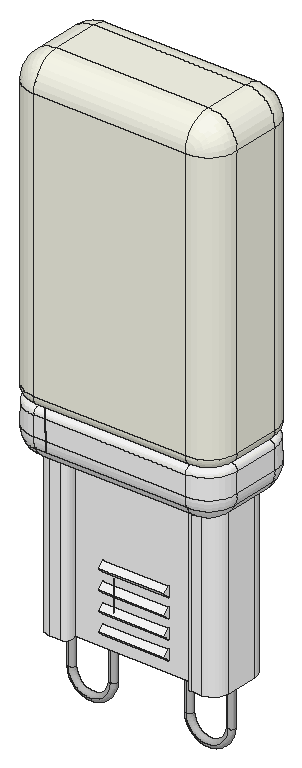
Revit family "STL21122_27_30_40_50", category Luminárias, Revit 2023
Family settings
  Cota do conector redondo = Utilizar diâmetro
  Tipo de parte = Normal
  Com base no plano de trabalho = Não
  Sempre na vertical = Sim
  Corte com vazios quando carregada = Não
  Fonte luminosa = Sim
  Manter orientação da anotação = Não
  Compartilhado = Não
  Ponto de cálculo do ambiente = Não
Parameters (values of type "STL21122/27 - 220V")
  Ângulo de inclinação = 90.00°
  Ângulo de Abertura = "280º"
  Wattage = 1.00982 W
  URL = "https://stella.com.br/"
  Troca de temperatura da cor de lâmpada com esmaecimento = <Nenhum>
  Tensão Elétrica = "220V"
  built-in parameter 1150107 = 2700 (stored number, unit not read)
  Temperatura da cor (K) [instance] = 2700 K
  Referência [instance] = "STL21122/27 - 220V"
  Potência = 1.7 W
  built-in parameter 1150110 = 1 (stored number, unit not read)
  built-in parameter 1150109 = 1 (stored number, unit not read)
  built-in parameter 1114218 = 1 (stored number, unit not read)
  built-in parameter 1150112 = 1 (stored number, unit not read)
  built-in parameter 1150113 = 1 (stored number, unit not read)
  built-in parameter 1150132 = 2
  built-in parameter 1150137 = (empty or 0)
  Modelo = "Bipino G9"
  built-in parameter 1150106 = 0.11937 (stored number, unit not read)
  built-in parameter 1150102 = (empty or 0)
  built-in parameter 1150105 = 11.937 (stored number, unit not read)
  LED = Luminoso - 2700K
  Largura = 0.008 m
  IRC (Índice de reprodução de cores) = ">80"
  Grau de proteção (IP) = "IP20"
  Fluxo Luminoso [instance] = 150 lm
  Color Filter = 16777215
  built-in parameter 1114217 = 1 (stored number, unit not read)
  built-in parameter 1150139 = (empty or 0)
  Fabricante = "Stella"
  Estrutura = Al - Branco
  Default Elevation = 0.00 m
  built-in parameter 1150104 = 13.8 (stored number, unit not read)
  Dimerização = "Não dimerizável"
  built-in parameter 1150115 = 1 (stored number, unit not read)
  built-in parameter 1150114 = 1 (stored number, unit not read)
  Cromado = Cromado
  Lumens = 150 lm
  built-in parameter 1150138 = (empty or 0)
  built-in parameter 1150134 = (empty or 0)
  Comprimento = 0.016 m
  Arquivo de rede fotométrica = "STELLA - STL21122-27 - BIPINO G9 1,7W.ies"
  Altura [instance] = 0.045 m
  built-in parameter 1150133 = 10 (stored number, unit not read)
Types (5, lengths in m): name | Wattage | built-in parameter 1150107 | Temperatura da cor (K) | Referência | built-in parameter 1150106 | built-in parameter 1150105 | LED | Fluxo Luminoso | Lumens | built-in parameter 1150134 | Arquivo de rede fotométrica
  (no name) | 1.00982 W | 2700 (stored number, unit not read) | 2700 K | "STL21122/27 - 220V" | 0.11937 (stored number, unit not read) | 11.937 (stored number, unit not read) | Luminoso - 2700K | 150 lm | 150 lm | (empty or 0) | "STELLA - STL21122-27 - BIPINO G9 1,7W.ies"
  STL21122/27 - 220V | 1.00982 W | 2700 (stored number, unit not read) | 2700 K | "STL21122/27 - 220V" | 0.11937 (stored number, unit not read) | 11.937 (stored number, unit not read) | Luminoso - 2700K | 150 lm | 150 lm | (empty or 0) | "STELLA - STL21122-27 - BIPINO G9 1,7W.ies"
  STL21122/30 - 220V | 1.07714 W | 3000 (stored number, unit not read) | 3000 K | "STL21122/30 - 220V" | 0.12732 (stored number, unit not read) | 12.732 (stored number, unit not read) | Luminoso - 3000K | 160 lm | 160 lm | (empty or 0) | "STELLA - STL21122-30 - BIPINO G9 1,7W.ies"
  STL21122/40 - 220V | 1.14446 W | 4000 (stored number, unit not read) | 4000 K | "STL21122/40 - 220V" | 0.13528 (stored number, unit not read) | 13.528 (stored number, unit not read) | Luminoso - 4000K | 170 lm | 170 lm | 12 | "STELLA - STL21122-40 - BIPINO G9 1,7W.ies"
  STL21122/50 - 220V | 1.14446 W | 5000 (stored number, unit not read) | 5000 K | "STL21122/50 - 220V" | 0.13528 (stored number, unit not read) | 13.528 (stored number, unit not read) | Luminoso - 5000K | 170 lm | 170 lm | 2 | "STELLA - STL21122-50 - BIPINO G9 1,7W.ies"
Reference planes (m)
  plane 1 "Centro (Frente/Trás)": y = 0
  plane 2: z = 0
  plane 3 "Centro (Esquerda/Direita)": x = 0
  plane 4: x = -0.008
  plane 5: x = 0.008
  plane 6: y = 0.004
  plane 7: y = -0.004
  plane 8 "Superior": z = 0.0225
  plane 9 "Inferior": z = -0.0225
Forms (m)
  Extrusion 1, solid, material "Luminoso - 2700K" <- "LED"
    sketch origin (0, 0, 0) x (1, 0, 0) y (0, 1, 0)
      loop
        arc (-0.0058, 0.004) -> (-0.007356, 0.003356) -> (-0.008, 0.0018) r 0.0022
        line (-0.008, 0.0018) -> (-0.008, -0.0018)
        arc (-0.008, -0.0018) -> (-0.007356, -0.003356) -> (-0.0058, -0.004) r 0.0022
        line (-0.0058, -0.004) -> (0.0058, -0.004)
        arc (0.0058, -0.004) -> (0.007356, -0.003356) -> (0.008, -0.0018) r 0.0022
        line (0.008, -0.0018) -> (0.008, 0.0018)
        arc (0.008, 0.0018) -> (0.007356, 0.003356) -> (0.0058, 0.004) r 0.0022
        line (0.0058, 0.004) -> (-0.0058, 0.004)
      loop
        line (-0.007, 0.0018) -> (-0.007, -0.0018)
        arc (-0.007, -0.0018) -> (-0.006649, -0.002649) -> (-0.0058, -0.003) r 0.0012
        line (-0.0058, -0.003) -> (0.0058, -0.003)
        arc (0.0058, -0.003) -> (0.006649, -0.002649) -> (0.007, -0.0018) r 0.0012
        line (0.007, -0.0018) -> (0.007, 0.0018)
        arc (0.007, 0.0018) -> (0.006649, 0.002649) -> (0.0058, 0.003) r 0.0012
        line (0.0058, 0.003) -> (-0.0058, 0.003)
        arc (-0.0058, 0.003) -> (-0.006649, 0.002649) -> (-0.007, 0.0018) r 0.0012
    from -0.00042 to 0.0203
  Extrusion 2, solid, material "Luminoso - 2700K" <- "LED"
    sketch origin (-0.029175, -0.011788, 0) x (1, 0, 0) y (0, 1, 0)
      loop
        line (0.023375, 0.013588) -> (0.023375, 0.009988) -> (0.034975, 0.009988) -> (0.034975, 0.013588) -> (0.023375, 0.013588)
    from 0.0215 to 0.0225
  Extrusion 3, solid, material "Luminoso - 2700K" <- "LED"
    sketch origin (0, 0, 0) x (1, 0, 0) y (0, 0, 1)
      loop
        arc (-0.0058, 0.0225) -> (-0.007356, 0.021856) -> (-0.008, 0.0203) r 0.0022
        line (-0.008, 0.0203) -> (-0.0058, 0.0203) -> (-0.0058, 0.0225)
      loop
        line (0.0058, 0.0225) -> (0.0058, 0.0203) -> (0.008, 0.0203)
        arc (0.008, 0.0203) -> (0.007356, 0.021856) -> (0.0058, 0.0225) r 0.0022
    from -0.0018 to 0.0018
  Extrusion 4, solid, material "Luminoso - 2700K" <- "LED"
    sketch origin (0, 0, 0) x (0, 1, 0) y (0, 0, 1)
      loop
        line (0.0018, 0.0203) -> (0.004, 0.0203)
        arc (0.004, 0.0203) -> (0.003356, 0.021856) -> (0.0018, 0.0225) r 0.0022
        line (0.0018, 0.0225) -> (0.0018, 0.0203)
      loop
        arc (-0.0018, 0.0225) -> (-0.003356, 0.021856) -> (-0.004, 0.0203) r 0.0022
        line (-0.004, 0.0203) -> (-0.0018, 0.0203) -> (-0.0018, 0.0225)
    from -0.0058 to 0.0058
  Sweep 5, solid, material "Al - Branco" <- "Estrutura"
    path origin (0, 0, 0) x (1, 0, 0) y (0, 1, 0)
      loop
        arc (-0.0058, 0.004) -> (-0.007356, 0.003356) -> (-0.008, 0.0018) r 0.0022
        line (-0.008, 0.0018) -> (-0.008, -0.0018)
        arc (-0.008, -0.0018) -> (-0.007356, -0.003356) -> (-0.0058, -0.004) r 0.0022
        line (-0.0058, -0.004) -> (0.0058, -0.004)
        arc (0.0058, -0.004) -> (0.007356, -0.003356) -> (0.008, -0.0018) r 0.0022
        line (0.008, -0.0018) -> (0.008, 0.0018)
        arc (0.008, 0.0018) -> (0.007356, 0.003356) -> (0.0058, 0.004) r 0.0022
        line (0.0058, 0.004) -> (-0.0058, 0.004)
    profile origin (0, 0.004, 0) x (0, 1, 0) y (0, 0, 1)
      loop
        arc (-0.000837, 0.002114) -> (-0.000988, 0.002534) -> (-0.001361, 0.00278) r 0.000709
        line (-0.001361, 0.00278) -> (-0.001567, -0.005101)
        arc (-0.001567, -0.005101) -> (-0.000758, -0.004749) -> (-0.000195, -0.00407) r 0.0019
        arc (-0.000195, -0.00407) -> (-0.000046, -0.003645) -> (0, -0.003197) r 0.0019
        line (0, -0.003197) -> (-0.000027, -0.001672)
        spline (-0.000027, -0.001672) -> (-0.000032, -0.001638) -> (-0.000038, -0.001595) -> (-0.000047, -0.001545) -> (-0.000063, -0.001491) -> (-0.000087, -0.001435) -> (-0.000124, -0.00138) -> (-0.000175, -0.001329) -> (-0.000244, -0.001284) -> (-0.000333, -0.001248) -> (-0.000445, -0.001224) -> (-0.000583, -0.001214) -> (-0.00075, -0.00122)
        line (-0.00075, -0.00122) -> (-0.000837, 0.002114)
  Extrusion 6, solid, material "Al - Branco" <- "Estrutura"
    sketch origin (-0.02767, 0.029267, 0) x (1, 0, 0) y (0, 1, 0)
      loop
        spline (0.023056, -0.027767) -> (0.023089, -0.027628) -> (0.02311, -0.027502) -> (0.023119, -0.027386) -> (0.023116, -0.027282) -> (0.023102, -0.027189) -> (0.023075, -0.027107) -> (0.023037, -0.027037) -> (0.022988, -0.026978) -> (0.022926, -0.026931) -> (0.022852, -0.026894) -> (0.022767, -0.026869) -> (0.02267, -0.026856)
        line (0.02267, -0.026856) -> (0.02187, -0.026856)
        arc (0.02187, -0.026856) -> (0.021075, -0.027214) -> (0.020749, -0.028022) r 0.001168
        line (0.020749, -0.028022) -> (0.020749, -0.030511)
        arc (0.020749, -0.030511) -> (0.021075, -0.03132) -> (0.02187, -0.031677) r 0.001168
        line (0.02187, -0.031677) -> (0.02267, -0.031677)
        spline (0.02267, -0.031677) -> (0.022767, -0.031664) -> (0.022852, -0.031639) -> (0.022926, -0.031602) -> (0.022988, -0.031555) -> (0.023037, -0.031496) -> (0.023075, -0.031426) -> (0.023102, -0.031344) -> (0.023116, -0.031251) -> (0.023119, -0.031147) -> (0.02311, -0.031032) -> (0.023089, -0.030905) -> (0.023056, -0.030767)
        line (0.023056, -0.030767) -> (0.032284, -0.030767)
        spline (0.032284, -0.030767) -> (0.032252, -0.030905) -> (0.032231, -0.031032) -> (0.032222, -0.031147) -> (0.032224, -0.031251) -> (0.032239, -0.031344) -> (0.032265, -0.031426) -> (0.032303, -0.031496) -> (0.032353, -0.031555) -> (0.032415, -0.031602) -> (0.032488, -0.031639) -> (0.032573, -0.031664) -> (0.03267, -0.031677)
        line (0.03267, -0.031677) -> (0.03347, -0.031677)
        arc (0.03347, -0.031677) -> (0.034266, -0.03132) -> (0.034591, -0.030511) r 0.001168
        line (0.034591, -0.030511) -> (0.034591, -0.028022)
        arc (0.034591, -0.028022) -> (0.034266, -0.027214) -> (0.03347, -0.026856) r 0.001168
        line (0.03347, -0.026856) -> (0.03267, -0.026856)
        spline (0.03267, -0.026856) -> (0.032573, -0.026869) -> (0.032488, -0.026894) -> (0.032415, -0.026931) -> (0.032353, -0.026978) -> (0.032303, -0.027037) -> (0.032265, -0.027107) -> (0.032239, -0.027189) -> (0.032224, -0.027282) -> (0.032222, -0.027386) -> (0.032231, -0.027502) -> (0.032252, -0.027628) -> (0.032284, -0.027767)
        line (0.032284, -0.027767) -> (0.023056, -0.027767)
      loop
        arc (0.02157, -0.028892) -> (0.02117, -0.029292) -> (0.02157, -0.029692) r 0.0004
        line (0.02157, -0.029692) -> (0.02477, -0.029692)
        arc (0.02477, -0.029692) -> (0.02517, -0.029292) -> (0.02477, -0.028892) r 0.0004
        line (0.02477, -0.028892) -> (0.02157, -0.028892)
      loop
        line (0.03377, -0.028892) -> (0.03057, -0.028892)
        arc (0.03057, -0.028892) -> (0.03017, -0.029292) -> (0.03057, -0.029692) r 0.0004
        line (0.03057, -0.029692) -> (0.03377, -0.029692)
        arc (0.03377, -0.029692) -> (0.03417, -0.029292) -> (0.03377, -0.028892) r 0.0004
    from -0.0175 to -0.00407
  Extrusion 7, solid
    sketch origin (0, 0, 0) x (1, 0, 0) y (0, 1, 0)
      loop
        line (-0.006433, 0.0018) -> (-0.006433, -0.0018)
        arc (-0.006433, -0.0018) -> (-0.006248, -0.002248) -> (-0.0058, -0.002433) r 0.000633
        line (-0.0058, -0.002433) -> (0.0058, -0.002433)
        arc (0.0058, -0.002433) -> (0.006248, -0.002248) -> (0.006433, -0.0018) r 0.000633
        line (0.006433, -0.0018) -> (0.006433, 0.0018)
        arc (0.006433, 0.0018) -> (0.006248, 0.002248) -> (0.0058, 0.002433) r 0.000633
        line (0.0058, 0.002433) -> (-0.0058, 0.002433)
        arc (-0.0058, 0.002433) -> (-0.006248, 0.002248) -> (-0.006433, 0.0018) r 0.000633
    from -0.005101 to -0.00407
  Extrusion 8, solid, material "Al - Branco" <- "Estrutura"
    sketch origin (0, 0, 0) x (0, 1, 0) y (0, 0, 1)
      loop
        line (-0.001334, -0.011384) -> (-0.0019, -0.01195) -> (-0.001334, -0.012516) -> (-0.001334, -0.011384)
    from -0.0025 to 0.0025
  Extrusion 9, solid, material "Al - Branco" <- "Estrutura"
    sketch origin (0, 0, -0.00145) x (0, 1, 0) y (0, 0, 1)
      loop
        line (-0.001334, -0.011384) -> (-0.0019, -0.01195) -> (-0.001334, -0.012516) -> (-0.001334, -0.011384)
    from -0.0025 to 0.0025
  Extrusion 10, solid, material "Al - Branco" <- "Estrutura"
    sketch origin (0, 0, -0.0029) x (0, 1, 0) y (0, 0, 1)
      loop
        line (-0.001334, -0.011384) -> (-0.0019, -0.01195) -> (-0.001334, -0.012516) -> (-0.001334, -0.011384)
    from -0.0025 to 0.0025
  Extrusion 11, solid, material "Al - Branco" <- "Estrutura"
    sketch origin (0, 0, -0.00435) x (0, 1, 0) y (0, 0, 1)
      loop
        line (-0.001334, -0.011384) -> (-0.0019, -0.01195) -> (-0.001334, -0.012516) -> (-0.001334, -0.011384)
    from -0.0025 to 0.0025
  Extrusion 12, solid, material "Al - Branco" <- "Estrutura"
    sketch origin (0, 0, 0) x (0, -1, 0) y (0, 0, -1)
      loop
        line (-0.001334, 0.011384) -> (-0.001334, 0.012516) -> (-0.0019, 0.01195) -> (-0.001334, 0.011384)
    from -0.0025 to 0.0025
  Extrusion 13, solid, material "Al - Branco" <- "Estrutura"
    sketch origin (0, 0, -0.00145) x (0, -1, 0) y (0, 0, -1)
      loop
        line (-0.001334, 0.011384) -> (-0.001334, 0.012516) -> (-0.0019, 0.01195) -> (-0.001334, 0.011384)
    from -0.0025 to 0.0025
  Extrusion 14, solid, material "Al - Branco" <- "Estrutura"
    sketch origin (0, 0, -0.0029) x (0, -1, 0) y (0, 0, -1)
      loop
        line (-0.001334, 0.011384) -> (-0.001334, 0.012516) -> (-0.0019, 0.01195) -> (-0.001334, 0.011384)
    from -0.0025 to 0.0025
  Extrusion 15, solid, material "Al - Branco" <- "Estrutura"
    sketch origin (0, 0, -0.00435) x (0, -1, 0) y (0, 0, -1)
      loop
        line (-0.001334, 0.011384) -> (-0.001334, 0.012516) -> (-0.0019, 0.01195) -> (-0.001334, 0.011384)
    from -0.0025 to 0.0025
  Sweep 16, solid, material "Luminoso - 2700K" <- "LED"
    path origin (0, 0, 0) x (1, 0, 0) y (0, 1, 0)
      loop
        arc (-0.0058, 0.004) -> (-0.007356, 0.003356) -> (-0.008, 0.0018) r 0.0022
        line (-0.008, 0.0018) -> (-0.008, -0.0018)
        arc (-0.008, -0.0018) -> (-0.007356, -0.003356) -> (-0.0058, -0.004) r 0.0022
        line (-0.0058, -0.004) -> (0.0058, -0.004)
        arc (0.0058, -0.004) -> (0.007356, -0.003356) -> (0.008, -0.0018) r 0.0022
        line (0.008, -0.0018) -> (0.008, 0.0018)
        arc (0.008, 0.0018) -> (0.007356, 0.003356) -> (0.0058, 0.004) r 0.0022
        line (0.0058, 0.004) -> (-0.0058, 0.004)
    profile origin (-0.008, 0, 0) x (1, 0, 0) y (0, 0, 1)
      loop
        line (0.0008, -0.00122) -> (0.0008, -0.00042) -> (0, -0.00042)
        arc (0, -0.00042) -> (0.000234, -0.000986) -> (0.0008, -0.00122) r 0.0008
  Sweep 17, solid, material "Cromado" <- "Cromado"
    path origin (0, 0, 0.000775) x (1, 0, 0) y (0, 0, 1)
      loop
        line (-0.002905, -0.0109) -> (-0.002905, -0.0214)
        arc (-0.002905, -0.0214) -> (-0.004505, -0.023) -> (-0.006104, -0.0214) r 0.0016
        line (-0.006104, -0.0214) -> (-0.006104, -0.012899)
    profile origin (-0.002905, 0, -0.015375) x (0, -1, 0) y (1, 0, 0)
      loop
        circle (0, 0) r 0.00028
  Sweep 18, solid, material "Cromado" <- "Cromado"
    path origin (0, 0, 0.000775) x (-1, 0, 0) y (0, 0, -1)
      loop
        line (-0.002905, 0.0109) -> (-0.002905, 0.0214)
        arc (-0.002905, 0.0214) -> (-0.004505, 0.023) -> (-0.006104, 0.0214) r 0.0016
        line (-0.006104, 0.0214) -> (-0.006104, 0.012899)
    profile origin (0.002905, 0, -0.015375) x (0, -1, 0) y (1, 0, 0)
      loop
        circle (0, 0) r 0.00028
  Revolve 19, solid, material "Luminoso - 2700K" <- "LED"
    sketch origin (0, 0, 0.0203) x (-1, 0, 0) y (0, -1, 0)
      loop
        line (-0.0058, -0.004) -> (-0.0058, -0.0018) -> (-0.008, -0.0018)
        arc (-0.008, -0.0018) -> (-0.007356, -0.003356) -> (-0.0058, -0.004) r 0.0022
      axis (-0.0058, -0.004) -> (-0.0058, -0.0018)
    angle from 0 to -90
  Revolve 20, solid, material "Luminoso - 2700K" <- "LED"
    sketch origin (0, 0, 0.0203) x (1, 0, 0) y (0, 1, 0)
      loop
        line (-0.0058, -0.004) -> (-0.0058, -0.0018) -> (-0.008, -0.0018)
        arc (-0.008, -0.0018) -> (-0.007356, -0.003356) -> (-0.0058, -0.004) r 0.0022
      axis (-0.0058, -0.004) -> (-0.0058, -0.0018)
    angle from 0 to -90
  Revolve 21, solid, material "Luminoso - 2700K" <- "LED"
    sketch origin (0, 0, 0.0203) x (-1, 0, 0) y (0, -1, 0)
      loop
        arc (-0.0058, 0.004) -> (-0.007356, 0.003356) -> (-0.008, 0.0018) r 0.0022
        line (-0.008, 0.0018) -> (-0.0058, 0.0018) -> (-0.0058, 0.004)
      axis (-0.0058, 0.004) -> (-0.0058, 0.0018)
    angle from 0 to -90
  Revolve 22, solid, material "Luminoso - 2700K" <- "LED"
    sketch origin (0, 0, 0.0203) x (1, 0, 0) y (0, 1, 0)
      loop
        arc (-0.0058, 0.004) -> (-0.007356, 0.003356) -> (-0.008, 0.0018) r 0.0022
        line (-0.008, 0.0018) -> (-0.0058, 0.0018) -> (-0.0058, 0.004)
      axis (-0.0058, 0.004) -> (-0.0058, 0.0018)
    angle from 0 to -90
Cuts and joins
  joined: Extrusion 2, Extrusion 3, Extrusion 4, Revolve 19, Revolve 20, Revolve 21, Revolve 22
  joined: Extrusion 6, Extrusion 8, Extrusion 9, Extrusion 10, Extrusion 11, Extrusion 12, Extrusion 13, Extrusion 14, Extrusion 15
Dimensions and locks (m)
  "Altura": plane 8 "Superior" to plane 9 "Inferior"
  "Comprimento": plane 4 to plane 5
  "Largura": plane 6 to plane 7
  aligned and locked: level to plane 2
Automatic sketch dimensions
  Extrusion 1 sketch curve to Extrusion 1 sketch curve = 0.00 m  (x8)
  Extrusion 1 sketch curve to plane 4 = 0.00 m
  Extrusion 1 sketch curve to plane 6 = 0.00 m
  Extrusion 1 sketch curve to plane 7 = 0.00 m
  Extrusion 1 sketch curve to plane 5 = 0.00 m
  Extrusion 1 sketch curve to plane 4 = 0.001 m
  Extrusion 1 sketch curve to Extrusion 1 sketch curve = 0.0012 m  (x4)
  Extrusion 2 sketch curve to plane 4 = 0.0022 m
  plane 5 to Extrusion 2 sketch curve = 0.0022 m
  plane 1 "Centro (Frente/Trás)" to Extrusion 2 sketch curve = 0.0018 m
  Extrusion 2 sketch curve to plane 1 "Centro (Frente/Trás)" = 0.0018 m
  plane 4 to Extrusion 3 sketch curve = 0.00 m
  Extrusion 3 sketch curve to plane 8 "Superior" = 0.00 m  (x2)
  plane 5 to Extrusion 3 sketch curve = 0.00 m
  plane 5 to Extrusion 3 sketch curve = 0.0022 m
  Extrusion 4 sketch curve to plane 7 = 0.00 m
  Extrusion 4 sketch curve to plane 8 "Superior" = 0.00 m  (x2)
  Extrusion 4 sketch curve to plane 6 = 0.00 m
  plane 1 "Centro (Frente/Trás)" to Extrusion 4 sketch curve = 0.0018 m
  Extrusion 4 sketch curve to plane 1 "Centro (Frente/Trás)" = 0.0018 m
  Sweep 5 sketch curve to plane 4 = 0.00 m
  Sweep 5 sketch curve to plane 6 = 0.00 m
  Sweep 5 sketch curve to plane 7 = 0.00 m
  Sweep 5 sketch curve to plane 5 = 0.00 m
  Sweep 5 sketch curve to plane 4 = 0.0022 m  (x2)
  Sweep 5 sketch curve to plane 1 "Centro (Frente/Trás)" = 0.0018 m
  plane 1 "Centro (Frente/Trás)" to Sweep 5 sketch curve = 0.0018 m
  Sweep 5 sketch curve to Sweep 5 sketch curve = 0.00 m  (x2)
  Sweep 5 sketch curve to profile plane = 0.00 m
  profile plane to Sweep 5 sketch curve = 0.000027 m
  profile plane to Sweep 5 sketch curve = 0.00075 m
  profile plane to Sweep 5 sketch curve = 0.000837 m
  Sweep 5 sketch curve to Sweep 5 sketch curve = 0.000524 m
  Sweep 5 sketch curve to Sweep 5 sketch curve = 0.000709 m
  profile plane to Sweep 5 sketch curve = 0.001567 m
  profile plane to Sweep 5 sketch curve = 0.0019 m
  Sweep 5 sketch curve to level = 0.005101 m
  Sweep 5 sketch curve to Sweep 5 sketch curve = 0.001871 m
  Sweep 5 sketch curve to Sweep 5 sketch curve = 0.001525 m
  Sweep 5 sketch curve to Sweep 5 sketch curve = 0.000452 m
  level to Sweep 5 sketch curve = 0.002095 m
  Sweep 5 sketch curve to Sweep 5 sketch curve = 0.000019 m
  profile plane to Sweep 5 sketch curve = 0.000195 m
  Extrusion 6 sketch curve to plane 4 = 0.001079 m
  plane 1 "Centro (Frente/Trás)" to Extrusion 6 sketch curve = 0.000025 m
  Extrusion 6 sketch curve to Extrusion 6 sketch curve = 0.000821 m
  Extrusion 6 sketch curve to Extrusion 6 sketch curve = 0.001121 m  (x2)
  Extrusion 6 sketch curve to Extrusion 6 sketch curve = 0.000347 m  (x3)
  Extrusion 6 sketch curve to Extrusion 6 sketch curve = 0.0008 m  (x4)
  Extrusion 6 sketch curve to Extrusion 6 sketch curve = 0.000386 m  (x4)
  Extrusion 6 sketch curve to plane 1 "Centro (Frente/Trás)" = 0.0015 m
  Extrusion 6 sketch curve to plane 1 "Centro (Frente/Trás)" = 0.000375 m  (x2)
  Extrusion 6 sketch curve to Extrusion 6 sketch curve = 0.001714 m  (x3)
  plane 3 "Centro (Esquerda/Direita)" to Extrusion 6 sketch curve = 0.0029 m
  plane 1 "Centro (Frente/Trás)" to Extrusion 6 sketch curve = 0.0015 m
  Extrusion 6 sketch curve to Extrusion 6 sketch curve = 0.001139 m  (x2)
  plane 5 to Extrusion 6 sketch curve = 0.001079 m
  Extrusion 6 sketch curve to Extrusion 6 sketch curve = 0.000911 m  (x2)
  plane 1 "Centro (Frente/Trás)" to Extrusion 6 sketch curve = 0.000425 m
  Extrusion 6 sketch curve to Extrusion 6 sketch curve = 0.000869 m  (x2)
  Extrusion 7 sketch curve to plane 4 = 0.001567 m
  Extrusion 7 sketch curve to Extrusion 7 sketch curve = 0.000633 m  (x3)
  plane 5 to Extrusion 7 sketch curve = 0.0022 m  (x2)
  plane 7 to Extrusion 7 sketch curve = 0.001567 m
  Extrusion 7 sketch curve to plane 1 "Centro (Frente/Trás)" = 0.0018 m
  plane 1 "Centro (Frente/Trás)" to Extrusion 8 sketch curve = 0.0019 m
  Extrusion 8 sketch curve to Extrusion 8 sketch curve = 0.000566 m  (x2)
  plane 9 "Inferior" to Extrusion 8 sketch curve = 0.009984 m
  plane 1 "Centro (Frente/Trás)" to Extrusion 9 sketch curve = 0.0019 m
  Extrusion 9 sketch curve to Extrusion 9 sketch curve = 0.000566 m  (x2)
  plane 9 "Inferior" to Extrusion 9 sketch curve = 0.008534 m
  plane 1 "Centro (Frente/Trás)" to Extrusion 10 sketch curve = 0.0019 m
  Extrusion 10 sketch curve to Extrusion 10 sketch curve = 0.000566 m  (x2)
  plane 9 "Inferior" to Extrusion 10 sketch curve = 0.007084 m
  plane 1 "Centro (Frente/Trás)" to Extrusion 11 sketch curve = 0.0019 m
  Extrusion 11 sketch curve to Extrusion 11 sketch curve = 0.000566 m  (x2)
  plane 9 "Inferior" to Extrusion 11 sketch curve = 0.005634 m
  Extrusion 12 sketch curve to plane 1 "Centro (Frente/Trás)" = 0.0019 m
  Extrusion 12 sketch curve to Extrusion 12 sketch curve = 0.000566 m  (x2)
  plane 9 "Inferior" to Extrusion 12 sketch curve = 0.011116 m
  Extrusion 13 sketch curve to plane 1 "Centro (Frente/Trás)" = 0.0019 m
  Extrusion 13 sketch curve to Extrusion 13 sketch curve = 0.000566 m  (x2)
  plane 9 "Inferior" to Extrusion 13 sketch curve = 0.009666 m
  Extrusion 14 sketch curve to plane 1 "Centro (Frente/Trás)" = 0.0019 m
  Extrusion 14 sketch curve to Extrusion 14 sketch curve = 0.000566 m  (x2)
  plane 9 "Inferior" to Extrusion 14 sketch curve = 0.008216 m
  Extrusion 15 sketch curve to plane 1 "Centro (Frente/Trás)" = 0.0019 m
  Extrusion 15 sketch curve to Extrusion 15 sketch curve = 0.000566 m  (x2)
  plane 9 "Inferior" to Extrusion 15 sketch curve = 0.006766 m
  Sweep 16 sketch curve to plane 4 = 0.00 m
  Sweep 16 sketch curve to plane 7 = 0.00 m
  Sweep 16 sketch curve to plane 6 = 0.00 m
  Sweep 16 sketch curve to plane 5 = 0.00 m
  Sweep 16 sketch curve to plane 4 = 0.0022 m
  Sweep 16 sketch curve to plane 1 "Centro (Frente/Trás)" = 0.0018 m
  plane 1 "Centro (Frente/Trás)" to Sweep 16 sketch curve = 0.0018 m
  plane 5 to Sweep 16 sketch curve = 0.0022 m
  profile plane to Sweep 16 sketch curve = 0.00 m
  Sweep 16 sketch curve to profile plane = 0.0008 m
  Sweep 16 sketch curve to level = 0.00122 m
  Sweep 17 sketch curve to plane 4 = 0.001896 m
  Sweep 17 sketch curve to Sweep 17 sketch curve = 0.0016 m
  plane 9 "Inferior" to Sweep 17 sketch curve = 0.001875 m
  Sweep 17 sketch curve to Sweep 17 sketch curve = 0.008501 m
  Sweep 17 sketch curve to Sweep 17 sketch curve = 0.001999 m
  plane 1 "Centro (Frente/Trás)" to Sweep 17 sketch curve = 0.00 m
  Sweep 17 sketch curve to profile plane = 0.00 m
  plane 5 to Sweep 18 sketch curve = 0.001896 m
  Sweep 18 sketch curve to Sweep 18 sketch curve = 0.0016 m
  plane 9 "Inferior" to Sweep 18 sketch curve = 0.001875 m
  Sweep 18 sketch curve to Sweep 18 sketch curve = 0.008501 m
  Sweep 18 sketch curve to Sweep 18 sketch curve = 0.001999 m
  plane 1 "Centro (Frente/Trás)" to Sweep 18 sketch curve = 0.00 m
  Sweep 18 sketch curve to profile plane = 0.00 m
  Revolve 19 sketch curve to plane 5 = 0.00 m
  Revolve 19 sketch curve to plane 6 = 0.00 m  (x2)
  Revolve 19 sketch curve to plane 1 "Centro (Frente/Trás)" = 0.0018 m
  Revolve 19 sketch curve to Revolve 19 sketch curve = 0.00 m
  Revolve 19 sketch curve to Revolve 19 sketch curve = 0.000307 m
  Revolve 20 sketch curve to plane 4 = 0.00 m
  Revolve 20 sketch curve to plane 7 = 0.00 m  (x2)
  plane 1 "Centro (Frente/Trás)" to Revolve 20 sketch curve = 0.0018 m
  Revolve 20 sketch curve to Revolve 20 sketch curve = 0.00 m
  Revolve 20 sketch curve to Revolve 20 sketch curve = 0.000307 m
  Revolve 21 sketch curve to plane 5 = 0.00 m
  Revolve 21 sketch curve to plane 7 = 0.00 m  (x2)
  plane 1 "Centro (Frente/Trás)" to Revolve 21 sketch curve = 0.0018 m
  Revolve 21 sketch curve to Revolve 21 sketch curve = 0.00 m
  Revolve 21 sketch curve to Revolve 21 sketch curve = 0.000307 m
  Revolve 22 sketch curve to plane 4 = 0.00 m
  Revolve 22 sketch curve to plane 6 = 0.00 m  (x2)
  Revolve 22 sketch curve to plane 1 "Centro (Frente/Trás)" = 0.0018 m
  Revolve 22 sketch curve to Revolve 22 sketch curve = 0.00 m
  Revolve 22 sketch curve to Revolve 22 sketch curve = 0.000307 m
  Extrusion 3 sketch curve to plane 4 = 0.0022 m
  radius of Sweep 17 sketch curve = 0.00028 m
  radius of Sweep 18 sketch curve = 0.00028 m
Connectors (m)
  electrical at (0, 0, -0.0225)
    settings: index 1, voltage 0 V, apparent load 0 VA, apparent load phase1 0 VA, apparent load phase2 0 VA, apparent load phase3 0 VA, power factor 1, load classification "Outro", number of poles 1, system type 31, power factor state 1, is connector primary yes, connector utility no, sub classification motor no, connector description ""
